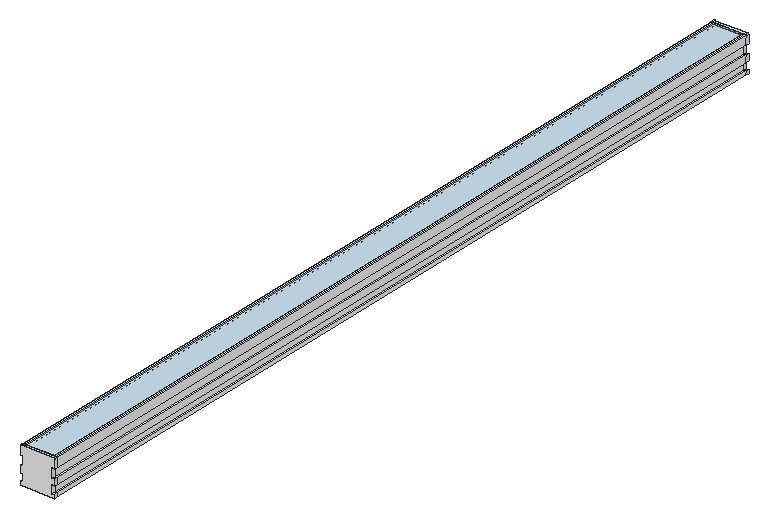
Revit family "LLED-CR-4RF", category Lighting Fixtures, Revit 2017
Family settings
  Round Connector Dimension = Use Diameter
  Part Type = Normal
  OmniClass Number = 23.80.70.00
  OmniClass Title = Lighting
  Work Plane-Based = Yes
  Always vertical = Yes
  Cut with Voids When Loaded = No
  Light Source = Yes
  Shared = No
  Room Calculation Point = No
Parameters (values of type "LLED-CR")
  Wattage = 9.2903 W
  built-in parameter 1150110 = 1 (stored number, unit not read)
  built-in parameter 1114217 = 1 (stored number, unit not read)
  Tilt Angle = 60.00°
  built-in parameter 1150109 = 1 (stored number, unit not read)
  built-in parameter 1150134 = 3
  built-in parameter 1150113 = 1 (stored number, unit not read)
  Photometric Web File = "generic"
  built-in parameter 1150142 = (empty or 0)
  built-in parameter 1150105 = 109.82 (stored number, unit not read)
  Lumens = 1380 lm
  built-in parameter 1150115 = 1 (stored number, unit not read)
  built-in parameter 1150137 = (empty or 0)
  built-in parameter 1150139 = (empty or 0)
  Length = 24.00"
  built-in parameter 1150112 = 1 (stored number, unit not read)
  built-in parameter 1150114 = 1 (stored number, unit not read)
  built-in parameter 1150132 = (empty or 0)
  built-in parameter 1150102 = (empty or 0)
  built-in parameter 1150107 = 3200 (stored number, unit not read)
  built-in parameter 1150138 = (empty or 0)
  built-in parameter 1150106 = 1.0982 (stored number, unit not read)
  Fixture Cap = Fixture Cap
  Fixture = Fixture
  Emit from Line Length = Length  # 24.00"
  built-in parameter 1150104 = 13.8 (stored number, unit not read)
  Dimming Lamp Color Temperature Shift = <None>
  Default Elevation = 48.00"
  Color Filter = 16777215
  built-in parameter 1114218 = 1 (stored number, unit not read)
  built-in parameter 1150133 = 10 (stored number, unit not read)
Reference planes (in)
  plane 1 "Light Source Axis (F/B)": y = 0
  plane 2: z = 0
  plane 3 "Light Source Axis (L/R)": x = 0
  plane 4 "Light Source Elevation": z = 1.905
  plane 5: y = 12
  plane 6: y = -12
  plane 7: y = 12.08
  plane 8: y = -12.08
Forms (in)
  Extrusion 1, solid, material "Fixture Cap" <- "Fixture Cap"
    sketch origin (-0.28312, -0.0825, -0.42187) x (1, 0, 0) y (0, 0, 1)
      loop
        line (0.28313, 1.39547) -> (0.28313, 1.16187) -> (0.35548, 1.16187) -> (0.35548, 0.91187) -> (0.28313, 0.91187) -> (0.28313, 0.73187) -> (0.35548, 0.73187) -> (0.35548, 0.52187) -> (0.28313, 0.52187) -> (0.28313, 0.42187) -> (1.24313, 0.42187) -> (1.24313, 0.52187) -> (1.17077, 0.52187) -> (1.17077, 0.73187) -> (1.24313, 0.73187) -> (1.24313, 0.91187) -> (1.17077, 0.91187) -> (1.17077, 1.16187) -> (1.24313, 1.16187) -> (1.24313, 1.39547)
        arc (1.24313, 1.39547) -> (1.23539, 1.41414) -> (1.21672, 1.42187) r 0.02641
        line (1.21672, 1.42187) -> (0.30953, 1.42187)
        arc (0.30953, 1.42187) -> (0.29086, 1.41414) -> (0.28313, 1.39547) r 0.02641
    from 11.9175 to 11.9975
  Extrusion 2, solid, material "Fixture Cap" <- "Fixture Cap"
    sketch origin (-0.28312, 0.0825, -0.42187) x (1, 0, 0) y (0, 0, -1)
      loop
        arc (0.28313, -1.39547) -> (0.29086, -1.41414) -> (0.30953, -1.42187) r 0.02641
        line (0.30953, -1.42187) -> (1.21672, -1.42187)
        arc (1.21672, -1.42187) -> (1.23539, -1.41414) -> (1.24313, -1.39547) r 0.02641
        line (1.24313, -1.39547) -> (1.24313, -1.16187) -> (1.17077, -1.16187) -> (1.17077, -0.91187) -> (1.24313, -0.91187) -> (1.24313, -0.73187) -> (1.17077, -0.73187) -> (1.17077, -0.52187) -> (1.24313, -0.52187) -> (1.24313, -0.42187) -> (0.28313, -0.42187) -> (0.28313, -0.52187) -> (0.35548, -0.52187) -> (0.35548, -0.73187) -> (0.28313, -0.73187) -> (0.28313, -0.91187) -> (0.35548, -0.91187) -> (0.35548, -1.16187) -> (0.28313, -1.16187) -> (0.28313, -1.39547)
    from 11.9175 to 11.9975
  Extrusion 3, solid, material "Fixture" <- "Fixture"
    sketch origin (0, 0, 0) x (1, 0, 0) y (0, 0, 1)
      loop
        line (0.93359, 1) -> (0.88764, 1) -> (0.88764, 0.95609) -> (0.07215, 0.95609) -> (0.07215, 1) -> (0.02641, 1)
        arc (0.02641, 1) -> (0.00773, 0.99227) -> (0, 0.97359) r 0.02641
        line (0, 0.97359) -> (0, 0.74) -> (0.07236, 0.74) -> (0.07236, 0.49) -> (0, 0.49) -> (0, 0.31) -> (0.07236, 0.31) -> (0.07236, 0.1) -> (0, 0.1) -> (0, 0) -> (0.96, 0) -> (0.96, 0.1) -> (0.88764, 0.1) -> (0.88764, 0.31) -> (0.96, 0.31) -> (0.96, 0.49) -> (0.88764, 0.49) -> (0.88764, 0.74) -> (0.96, 0.74) -> (0.96, 0.97359)
        arc (0.96, 0.97359) -> (0.95227, 0.99227) -> (0.93359, 1) r 0.02641
      loop
        line (0.10236, 0.92609) -> (0.10236, 0.03) -> (0.85764, 0.03) -> (0.85764, 0.92609) -> (0.10236, 0.92609)
    from -12 to 12
  Extrusion 4, solid, material "Glass"
    sketch origin (0, 0, 0) x (1, 0, 0) y (0, 0, 1)
      loop
        line (0.07215, 0.96) -> (0.88764, 0.96) -> (0.88764, 1) -> (0.07215, 1) -> (0.07215, 0.96)
    from -12 to 12
Dimensions and locks (in)
  equal spacing: plane 5, plane 1 "Light Source Axis (F/B)", plane 6
  "Length": plane 5 to plane 6
  Extrusion 3 to Extrusion 3 = 0.10"
  Extrusion 3 to Extrusion 3 = 0.21"
  Extrusion 1 to Extrusion 1 = 1.00"
  Extrusion 1 to Extrusion 1 = 0.96"
  locked: plane 7 to plane 5 at 0.08
  locked: plane 6 to plane 8 at 0.08
  aligned and locked: level to plane 2
  aligned and locked: Extrusion 3 to plane 6
  aligned and locked: plane 6 to Extrusion 3
  aligned and locked: plane 5 to Extrusion 3
  aligned and locked: Extrusion 3 to plane 5
  aligned and locked: Extrusion 4 to plane 6
  aligned and locked: plane 5 to Extrusion 4
  aligned and locked: Extrusion 2 to plane 5
  aligned and locked: plane 7 to Extrusion 2
  aligned and locked: plane 6 to Extrusion 1
  aligned and locked: Extrusion 1 to plane 8
Automatic sketch dimensions
  Extrusion 1 sketch curve to plane 3 "Light Source Axis (L/R)" = 0.00"  (x3)
  Extrusion 1 sketch curve to level = 0.00"
  plane 3 "Light Source Axis (L/R)" to Extrusion 1 sketch curve = 0.02641"
  Extrusion 1 sketch curve to Extrusion 1 sketch curve = 0.07236"  (x4)
  plane 3 "Light Source Axis (L/R)" to Extrusion 1 sketch curve = 0.07236"
  Extrusion 1 sketch curve to Extrusion 1 sketch curve = 0.81529"
  Extrusion 1 sketch curve to Extrusion 1 sketch curve = 0.00"
  Extrusion 1 sketch curve to Extrusion 1 sketch curve = 0.04595"
  level to Extrusion 1 sketch curve = 0.10"  (x2)
  Extrusion 1 sketch curve to Extrusion 1 sketch curve = 0.21"  (x2)
  Extrusion 1 sketch curve to Extrusion 1 sketch curve = 0.18"  (x2)
  Extrusion 1 sketch curve to Extrusion 1 sketch curve = 0.25"  (x2)
  Extrusion 1 sketch curve to Extrusion 1 sketch curve = 0.23359"
  Extrusion 2 sketch curve to plane 3 "Light Source Axis (L/R)" = 0.00"  (x3)
  Extrusion 2 sketch curve to level = 0.00"
  plane 3 "Light Source Axis (L/R)" to Extrusion 2 sketch curve = 0.02641"
  Extrusion 2 sketch curve to Extrusion 2 sketch curve = 0.07236"  (x4)
  plane 3 "Light Source Axis (L/R)" to Extrusion 2 sketch curve = 0.07236"
  Extrusion 2 sketch curve to Extrusion 2 sketch curve = 0.81529"
  Extrusion 2 sketch curve to Extrusion 2 sketch curve = 0.00"
  Extrusion 2 sketch curve to Extrusion 2 sketch curve = 0.04595"
  level to Extrusion 2 sketch curve = 0.10"  (x2)
  Extrusion 2 sketch curve to Extrusion 2 sketch curve = 0.21"  (x2)
  Extrusion 2 sketch curve to Extrusion 2 sketch curve = 0.18"  (x2)
  Extrusion 2 sketch curve to Extrusion 2 sketch curve = 0.25"  (x2)
  Extrusion 2 sketch curve to Extrusion 2 sketch curve = 0.23359"
  plane 3 "Light Source Axis (L/R)" to Extrusion 4 sketch curve = 0.07215"
  Extrusion 4 sketch curve to Extrusion 4 sketch curve = 0.8155"
  level to Extrusion 4 sketch curve = 0.96"
  Extrusion 4 sketch curve to Extrusion 4 sketch curve = 0.04"
  Extrusion 3 sketch curve to level = 0.00"
  Extrusion 3 sketch curve to plane 3 "Light Source Axis (L/R)" = 0.00"  (x3)
  plane 3 "Light Source Axis (L/R)" to Extrusion 3 sketch curve = 0.02641"
  Extrusion 3 sketch curve to Extrusion 3 sketch curve = 0.07236"  (x4)
  level to Extrusion 3 sketch curve = 0.03"
  Extrusion 3 sketch curve to Extrusion 3 sketch curve = 0.03"  (x4)
  Extrusion 3 sketch curve to Extrusion 3 sketch curve = 0.75529"
  Extrusion 3 sketch curve to Extrusion 3 sketch curve = 0.00"
  Extrusion 3 sketch curve to Extrusion 3 sketch curve = 0.04595"
  Extrusion 3 sketch curve to Extrusion 3 sketch curve = 0.02641"
  Extrusion 3 sketch curve to Extrusion 3 sketch curve = 0.07"  (x2)
  Extrusion 3 sketch curve to Extrusion 3 sketch curve = 0.21"  (x2)
  Extrusion 3 sketch curve to Extrusion 3 sketch curve = 0.18"  (x2)
  Extrusion 3 sketch curve to Extrusion 3 sketch curve = 0.25"  (x2)
  Extrusion 3 sketch curve to Extrusion 3 sketch curve = 0.18609"
  Extrusion 3 sketch curve to Extrusion 3 sketch curve = 0.0175"  (x2)
  Extrusion 3 sketch curve to Extrusion 3 sketch curve = 0.03021"
